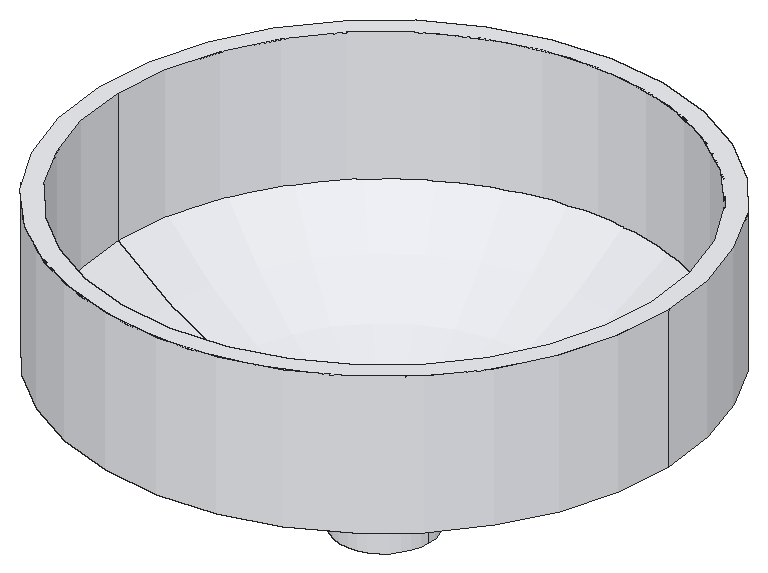
Revit family "Deca_Cuba de Sobrepor Redonda_L", category Plumbing Fixtures, host Face, Revit 2012
Parameters (values of type "L.1050.17_Branco Gelo GE17")
  WFU = 0
  Vendido Separadamente = "Sifão para lavatório: Cromado: (1680.C.100.112), Dourado (1680.D.100.112).   Slim: Cromado (1684.C.100.112), Dourado (1684.D.100.112) e Gold (1684.D.100.112.GLD).  Quadra: Cromado (1685.C.100.112).                                                                                                                                                                                                                                                                                                                                                                                                                                                                                                  Válvulas de escoamentos compatíveis: Luxo: Cromado (1601.C), Branco (1601.E.BR), Gold (1601.D.GLD); Click: Cromado (1601.C.CLI).  Competitivo: Cromado (1602.C), Dourado (1602.D); Tampão plástico: Cromado (1602.C.PLA)."  # constant formula
  Variações de COR = "Branco (L.1050.17)"  # constant formula
  URL = "www.deca.com.br/produtos"
  Segmento = "Luxo"  # constant formula
  Raio Ponto de Esgoto = 20 mm  # constant formula
  Produto = "Cuba de sobrepor redonda"  # constant formula
  Peso Liquido (Kg) = 8.14
  Norma = " ABNT NBR 15097-1: 2011 / ABNT NBR 15097-2: 2011"  # constant formula
  Model = Código  # "L.1050.17"
  Material = "Deca_Vitreous China"  # constant formula
  Manufacturer = "Deca"  # constant formula
  Louça/Metais = "Louça"  # constant formula
  Linha = "Cuba de sobrepor"  # constant formula
  Informações Complementares = ""
  Flow Pressure = 0.00 psi
  Diâmetro Ponto de Esgoto = Raio Ponto de Esgoto * 2  # 40 mm
  Description = "Cuba de sobrepor"  # constant formula
  Default Elevation = 0 mm
  Código = "L.1050.17"  # constant formula
  Cuba = Deca GE17 Branco Gelo Cerâmica
  Criado por = "Contino/quattroD"  # constant formula
  Atendimento ao Cliente = "0800-0117073 "  # constant formula
  Assembly Code = "D2010400"
  Aprovado por = "Contino/quattroD"  # constant formula
  Acompanha o Produto = ""
Reference planes
  plane 1 "Center (Front/Back)": y = 0
  plane 2: z = 0
  plane 3 "Center (Left/Right)": x = 0
  plane 4 "Left 1": x = -202.394
  plane 5 "Right 1": x = 202.394
  plane 6 "Back 1": y = 202.394
  plane 7 "Front 1": y = -202.394
  plane 8 "Bottom 1": z = -108.5
  plane 9 "Top 1": z = 100
Forms (mm)
  Extrusion 1, solid, material "Deca GE17 Branco Gelo Cerâmica" <- "Cuba"
    sketch origin (0, 0, 0) x (1, 0, 0) y (0, 1, 0)
      loop
        circle (0, 0) r 22
      loop
        circle (0, 0) r 32
    from -108.5 to -71.152
  Extrusion 2, solid, material "Deca GE17 Branco Gelo Cerâmica" <- "Cuba"
    sketch origin (0, 0, 0) x (1, 0, 0) y (0, 1, 0)
      loop
        circle (0, 0) r 202.394
      loop
        circle (0, 0) r 189.601
    from 0 to 100
  Revolve 3, solid, material "Deca GE17 Branco Gelo Cerâmica" <- "Cuba"
    sketch origin (0, 0, 0.787) x (-1, 0, 0) y (0, 0, 1)
      loop
        line (0, -66.379) -> (0, -71.279)
        arc (0, -71.279) -> (100.931, -52.783) -> (189.394, -0.787) r 294.574
        line (189.394, -0.787) -> (189.394, 5.695)
        arc (189.394, 5.695) -> (101.205, -47.444) -> (0, -66.379) r 289.674
      axis (0, 5.695) -> (0, -71.279)
    angle from 0 to 360
  Extrusion 4, void
    sketch origin (0, 0, 0) x (1, 0, 0) y (0, 1, 0)
      loop
        circle (0, 0) r 22
    from -108.5 to -46.167
  Extrusion 5, void
    sketch origin (0, 0, 0) x (1, 0, 0) y (0, 1, 0)
      loop
        circle (0, 0) r 189.601
    from -71.152 to 64.555
Cuts and joins
  Extrusion 4, Extrusion 5 cuts Extrusion 2
  Extrusion 4 cuts Revolve 3
  joined: Extrusion 2, Revolve 3
Lines and regions (mm)
  Masking region 1
    outline origin (0, 0, 0) x (1, 0, 0) y (0, 1, 0)
      loop
        circle (0, 0) r 202.394
  Masking region 2
    outline origin (0, -202.394, 0) x (-1, 0, 0) y (0, 0, 1)
      loop
        line (196.394, 100) -> (-196.394, 100)
        arc (-196.394, 100) -> (-200.674, 98.205) -> (-202.393, 93.895) r 6
        line (-202.393, 93.895) -> (-200.789, 1.965)
        arc (-200.789, 1.965) -> (-200.191, 0.573) -> (-198.789, 0) r 2
        line (-198.789, 0) -> (198.789, 0)
        arc (198.789, 0) -> (200.191, 0.573) -> (200.789, 1.965) r 2
        line (200.789, 1.965) -> (202.393, 93.895)
        arc (202.393, 93.895) -> (200.674, 98.205) -> (196.394, 100) r 6
  Masking region 3
    outline origin (0, 0, 0) x (0, 1, 0) y (0, 0, 1)
      loop
        arc (-196.394, 100) -> (-200.674, 98.205) -> (-202.393, 93.895) r 6
        line (-202.393, 93.895) -> (-200.789, 1.965)
        arc (-200.789, 1.965) -> (-200.191, 0.573) -> (-198.789, 0) r 2
        line (-198.789, 0) -> (198.789, 0)
        arc (198.789, 0) -> (200.191, 0.573) -> (200.789, 1.965) r 2
        line (200.789, 1.965) -> (202.393, 93.895)
        arc (202.393, 93.895) -> (200.674, 98.205) -> (196.394, 100) r 6
        line (196.394, 100) -> (-196.394, 100)
  symbolic lines, style "PlumbingFixtures"
    curve 1: circle (0, 0, 0) r 22 normal (0, 0, 1)
    curve 2: circle (0, 0, 0) r 32 normal (0, 0, 1)
    curve 3: circle (0, 0, 0) r 189.601 normal (0, 0, 1)
  symbolic lines, style "PlumbingFixturesHiddenLines"
    curve 4: arc (-165.559, -202.394, 0) -> (-111.254, -202.394, -48.019) -> (-42.516, -202.394, -71.039) r 182.038
    curve 5: arc (-42.516, -202.394, -71.039) -> (-36.868, -202.394, -73.373) -> (-34.515, -202.394, -79.013) r 8.001
    curve 6: arc (-34.034, -202.394, -106.535) -> (-33.112, -202.394, -108.205) -> (-31.228, -202.394, -108.5) r 2.168
    curve 7: line (-34.515, -202.394, -79.013) -> (-34.034, -202.394, -106.535)
    curve 8: arc (42.516, -202.394, -71.039) -> (36.868, -202.394, -73.373) -> (34.515, -202.394, -79.013) r 8.001
    curve 9: arc (34.034, -202.394, -106.535) -> (33.112, -202.394, -108.205) -> (31.228, -202.394, -108.5) r 2.168
    curve 10: line (34.515, -202.394, -79.013) -> (34.034, -202.394, -106.535)
    curve 11: line (-42.516, -202.394, -71.039) -> (42.516, -202.394, -71.039)
    curve 12: arc (165.559, -202.394, 0) -> (111.254, -202.394, -48.019) -> (42.516, -202.394, -71.039) r 182.038
    curve 13: line (-31.228, -202.394, -108.5) -> (31.228, -202.394, -108.5)
    curve 14: arc (0, -164.957, -0.787) -> (0, -110.413, -48.5) -> (0, -41.578, -71.152) r 182.032
    curve 15: line (0, -41.578, -71.152) -> (0, 41.578, -71.152)
    curve 16: arc (0, 41.578, -71.152) -> (0, 110.413, -48.5) -> (0, 164.957, -0.787) r 182.032
    curve 17: arc (0, -34.516, -78.957) -> (0, -36.582, -73.73) -> (0, -41.577, -71.152) r 8
    curve 18: arc (0, 41.576, -71.152) -> (0, 36.582, -73.73) -> (0, 34.516, -78.957) r 8
    curve 19: line (0, 34.034, -106.535) -> (0, 34.516, -78.957)
    curve 20: line (0, -34.516, -78.957) -> (0, -34.034, -106.535)
    curve 21: arc (0, -34.034, -106.535) -> (0, -33.436, -107.927) -> (0, -32.035, -108.5) r 2
    curve 22: arc (0, 32.035, -108.5) -> (0, 33.436, -107.927) -> (0, 34.034, -106.535) r 2
    curve 23: line (0, -32.035, -108.5) -> (0, 32.035, -108.5)
Dimensions and locks
  plane 7 "Front 1" to plane 6 "Back 1" = 404.789 mm
  host face to plane 8 "Bottom 1" = 108.5 mm
  plane 9 "Top 1" to plane 2 to plane 8 "Bottom 1" = 100 mm, 108.5 mm
  plane 9 "Top 1" to plane 8 "Bottom 1" = 208.5 mm  (x2)
  plane 9 "Top 1" to plane 2 = 100 mm
  plane 6 "Back 1" to plane 7 "Front 1" = 404.789 mm
  plane 4 "Left 1" to plane 5 "Right 1" = 404.789 mm
  plane 5 "Right 1" to plane 4 "Left 1" = 404.789 mm
  aligned and locked: host face to plane 2
  aligned and locked: level to host face
Connectors
  piping at (0, 0, -108.5), driven by "Flow Pressure", driven by "WFU", driven by "Raio Ponto de Esgoto"
    settings: on Extrusion 1, index 1, connector radius 0.7874", flow factor 0, pipe flow 0 GPM, pressure drop 0.00 psi, fitting loss kfactor 0, connector angle 0.00°, fixture units 0, engagement length 0 mm, flow configuration 3, flow direction 2, fitting loss method 0, system type 16, joint type 0, gender type 0, connector reference index -1, connector utility 0, adjustable connector no, is connector primary yes, fitting loss table "", connector description ""
